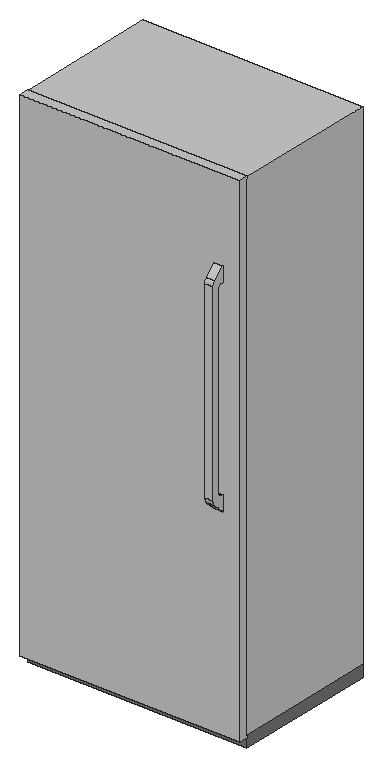
Revit family "DRR36980LAP", category Specialty Equipment, Revit 2014
Parameters (values of type "DRR36980LAP")
  iQ RemoteView™ Camera = "Yes (2 ea)"
  Width = 35 3/4"
  Volts (V) = "115"
  Unit = Stainless Steel
  Total Unit Gross Capacity (cu.ft.) - AHAM = "21.6 cu. ft."
  Support = Plastic-Black
  Special Modes = "Sabbath Mode"
  Shelf Material = "Tempered Glass Shelves w/Metal Trim"
  Refrigerator Gross Capacity (cu.ft.) = "21.6 cu. ft."
  Refrigerator - Power Cool = "34°F (1°C)"
  Refrigerator = "34°F (1°C) to 44°F (7°C)"
  Push-To-Open™ Door Assist = "Yes"
  Precise Cooling = "Yes"
  Power Cord Length (in.) = "78 3/4\""
  Power Cool = "Yes"
  Plug Type = "120 V, 3 Prong"
  Panel Ready = "Yes"
  Model = "DRR36980LAP"
  Manufacturer = "Dacor"
  Lighting = "3DLighting™"
  Internal Water Dispenser = "Yes"
  Interior Material = "SteelCool™ Stainless Steel Interior"
  Height = 83 3/8"
  Handle = Stainless Steel
  Full Width Shelves = "4 ea"
  Full Extension Drawers at 90º Door Opening Angle = "Yes"
  FreshZone™ Drawer = "Yes - Cheese (37°F) / Cold Drinks (33°F) / Meat (29°F)"
  Frequency (Hz) = "60"
  ENERGY STAR® Qualified = "Yes"
  Door Swing = "Left"
  Door Open Alarm = "Yes"
  Door Bins = "4 ea"
  Door = Stainless Steel
  Description = "36-INCH REFRIGERATOR COLUMN, LEFT-HINGE"
  Depth = 25"
  Deodorizing Filter = "Yes"
  Dedicated Evaporator & Compressor System = "Yes"
  Current (A) = "3"
  Crisper Drawers = "2 ea"
  Annual Energy Consumption = "290 kWy/year"
Reference planes (in)
  plane 1 "Center (Front/Back)": y = 0
  plane 2: z = 0
  plane 3 "Center (Left/Right)": x = 0
  plane 4: y = 12.5
  plane 5: y = -12.5
  plane 6: x = -17.875
  plane 7: x = 17.875
  plane 8: z = 83.375
  plane 9: z = 2
  plane 10: y = -14.375
  plane 11: y = -11
Forms (in)
  Extrusion 1, solid, material "Stainless Steel" <- "Unit"
    sketch origin (0, 0, 0) x (1, 0, 0) y (0, 1, 0)
      loop
        line (-17.875, -11) -> (-16.875, -11) -> (-16.875, 11.375) -> (16.875, 11.375) -> (16.875, -11) -> (17.875, -11) -> (17.875, 12.5) -> (-17.875, 12.5) -> (-17.875, -11)
    from 2 to 83.375
  Extrusion 2, solid, material "Stainless Steel" <- "Handle"
    sketch origin (0, 0, 0) x (1, 0, 0) y (0, 0, 1)
      loop
        line (-17.875, 1.57503) -> (17.875, 1.57503) -> (17.875, 83.5) -> (-17.875, 83.5) -> (-17.875, 1.57503)
    from 11 to 12.5
  Extrusion 3, solid, material "Plastic-Black" <- "Support"
    sketch origin (0, 0, 0) x (0, 1, 0) y (0, 0, 1)
      loop
        line (12.5, 2) -> (-11, 2) -> (-11, 0) -> (12.5, 0) -> (12.5, 2)
    from -17.875 to 17.875
  Extrusion 4, solid, material "Stainless Steel" <- "Unit"
    sketch origin (0, 0, 83.375) x (1, 0, 0) y (0, 1, 0)
      loop
        line (-16.875, 11.375) -> (-16.875, -11) -> (16.875, -11) -> (16.875, 11.375) -> (-16.875, 11.375)
    from 0 to -1.14126
  Extrusion 5, solid, material "Stainless Steel" <- "Handle"
    sketch origin (0.5, 0, 0) x (0, 1, 0) y (0, 0, -1)
      loop
        line (-12.5, -70.125) -> (-12.5, -67.65625) -> (-12.96875, -67.65625) -> (-13.4375, -67.1875) -> (-13.4375, -64.9375) -> (-14.375, -64.9375) -> (-14.375, -67.83579)
        arc (-14.375, -67.83579) -> (-14.29888, -68.21847) -> (-14.08211, -68.54289) r 1
        line (-14.08211, -68.54289) -> (-12.5, -70.125)
    from -14.55491 to -13.21363
  Extrusion 6, solid, material "Stainless Steel" <- "Handle"
    sketch origin (0.5, 0, 104.5) x (0, 1, 0) y (0, 0, -1)
      loop
        line (-12.5, 70.25) -> (-14.00888, 68.74112)
        arc (-14.00888, 68.74112) -> (-14.27985, 68.33559) -> (-14.375, 67.85723) r 1.25
        line (-14.375, 67.85723) -> (-14.375, 65.0625) -> (-13.4375, 65.0625) -> (-13.4375, 67.3125) -> (-12.96875, 67.78125) -> (-12.5, 67.78125) -> (-12.5, 70.25)
    from -14.55491 to -13.21363
  Extrusion 7, solid, material "Stainless Steel" <- "Handle"
    sketch origin (-0.75, 0, 0) x (-1, 0, 0) y (0, -1, 0)
      loop
        line (-15.80491, 13.4375) -> (-14.46363, 13.4375) -> (-14.46363, 14.375) -> (-15.80491, 14.375) -> (-15.80491, 13.4375)
    from 65.0625 to 39.4375
Cuts and joins
  joined: Extrusion 1, Extrusion 4
  joined: Extrusion 5, Extrusion 6, Extrusion 7
Dimensions and locks (in)
  equal spacing: plane 6, plane 3 "Center (Left/Right)", plane 7
  "Width": plane 6 to plane 7
  equal spacing: plane 4, plane 1 "Center (Front/Back)", plane 5
  "Depth": plane 4 to plane 5
  "Height": plane 8 to plane 2
  plane 9 to plane 2 = 2"
  plane 5 to plane 10 = 1 7/8"
  plane 11 to plane 5 = 1 1/2"
  Extrusion 3 to Extrusion 3 = 35 3/4"
  Extrusion 2 to Extrusion 3 = 25"
  Extrusion 3 to cut or joined group of Extrusion 1, Extrusion 4 = 83 3/8"
  aligned and locked: level to plane 2
  aligned and locked: Extrusion 3 to plane 6
  aligned and locked: plane 7 to Extrusion 3
  aligned and locked: plane 8 to Extrusion 1
Automatic sketch dimensions
  Extrusion 1 sketch curve to plane 6 = 0"
  Extrusion 1 sketch curve to plane 11 = 0"  (x2)
  Extrusion 1 sketch curve to plane 7 = 0"
  Extrusion 1 sketch curve to plane 4 = 0"
  Extrusion 1 sketch curve to Extrusion 1 sketch curve = 1"
  Extrusion 1 sketch curve to plane 7 = 1"
  Extrusion 1 sketch curve to plane 4 = 1 1/8"
  Extrusion 2 sketch curve to plane 6 = 0"
  Extrusion 2 sketch curve to plane 7 = 0"
  Extrusion 2 sketch curve to plane 9 = 0.42497"
  plane 8 to Extrusion 2 sketch curve = 1/8"
  Extrusion 3 sketch curve to plane 9 = 0"
  Extrusion 3 sketch curve to plane 11 = 0"
  Extrusion 3 sketch curve to level = 0"
  Extrusion 3 sketch curve to plane 4 = 0"
  Extrusion 1 to Extrusion 4 sketch curve = 0"  (x2)
  Extrusion 4 sketch curve to Extrusion 1 = 0"  (x2)
  Extrusion 5 sketch curve to plane 10 = 0"
  Extrusion 5 sketch curve to plane 5 = 0"
  Extrusion 5 sketch curve to plane 10 = 0.29289"
  Extrusion 5 sketch curve to plane 5 = 15/16"
  Extrusion 5 sketch curve to Extrusion 5 sketch curve = 1/16"
  Extrusion 5 sketch curve to Extrusion 5 sketch curve = 13/32"
  Extrusion 5 sketch curve to plane 8 = 13 1/4"
  Extrusion 5 sketch curve to Extrusion 5 sketch curve = 1.58211"
  Extrusion 5 sketch curve to Extrusion 5 sketch curve = 0.17954"
  Extrusion 5 sketch curve to Extrusion 5 sketch curve = 0.64829"
  Extrusion 5 sketch curve to Extrusion 5 sketch curve = 2 1/4"
  Extrusion 6 sketch curve to plane 10 = 0"
  Extrusion 6 sketch curve to plane 5 = 0"
  Extrusion 6 sketch curve to plane 10 = 0.36612"
  Extrusion 6 sketch curve to plane 5 = 15/16"
  Extrusion 6 sketch curve to plane 5 = 5/8"
  Extrusion 6 sketch curve to Extrusion 6 sketch curve = 5/32"
  plane 9 to Extrusion 6 sketch curve = 37 7/16"
  Extrusion 6 sketch curve to Extrusion 6 sketch curve = 2 1/4"
  Extrusion 6 sketch curve to Extrusion 6 sketch curve = 15/32"
  Extrusion 6 sketch curve to Extrusion 6 sketch curve = 0.54473"
  Extrusion 6 sketch curve to Extrusion 6 sketch curve = 1.50888"
  plane 10 to Extrusion 7 sketch curve = 0"
  plane 7 to Extrusion 7 sketch curve = 2.82009"
  Extrusion 7 sketch curve to Extrusion 7 sketch curve = 1.34127"
  plane 5 to Extrusion 7 sketch curve = 15/16"
